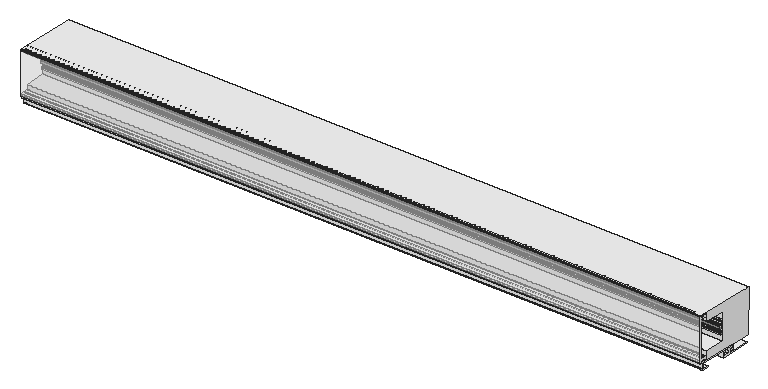
Revit family "3L-WS-D", category Lighting Fixtures, host Face, Revit 2021
Family settings
  Host = Face
  Round Connector Dimension = Use Diameter
  Part Type = Normal
  OmniClass Number = 23.80.70.11.14.17
  OmniClass Title = Direct/Indirect
  Cut with Voids When Loaded = No
  Light Source = Yes
  Shared = Yes
  Room Calculation Point = No
Parameters (values of type "3L-WS-D-4-SOF")
  Width = 3.500"  # constant formula
  Wattage = 34 W
  Warranty = "5-Years Warranty"  # constant formula
  built-in parameter 1150110 = 1 (stored number, unit not read)
  Voltage = 120 V
  Type Comments = "Lighting Fixture"  # constant formula
  built-in parameter 1114217 = 1 (stored number, unit not read)
  Tilt Angle = 90.00°
  built-in parameter 1150109 = 1 (stored number, unit not read)
  built-in parameter 1150134 = (empty or 0)
  built-in parameter 1150113 = 1 (stored number, unit not read)
  Starting Length = (Row Length / 2) * -1  # -24.000"
  Power Factor = 1
  Photometric Web File = "3L-WSx-D-4-SOF-X-CX-35K-D035.ies"
  Photometric Notes = "More IES files download on Photometric Link"  # constant formula
  Row Length = 48.000"
  Wattage Comments = "18W"
  URL = "https://www.currentlighting.com/litecontrol"
  Mounting = "Perimeter"  # constant formula
  Model = "MOD™ 3 LED Perimeter Wall/Slot® Direct"  # constant formula
  Manufacturer = "Litecontrol"  # constant formula
  built-in parameter 1150105 = 265.15 (stored number, unit not read)
  Lumens = 3332 lm
  built-in parameter 1150115 = 1 (stored number, unit not read)
  Load Classification = Lighting
  built-in parameter 1150137 = (empty or 0)
  built-in parameter 1150139 = (empty or 0)
  built-in parameter 1150112 = 1 (stored number, unit not read)
  built-in parameter 1150114 = 1 (stored number, unit not read)
  Lamp = "LED"  # constant formula
  built-in parameter 1150132 = (empty or 0)
  built-in parameter 1150102 = (empty or 0)
  built-in parameter 1150107 = 3500 (stored number, unit not read)
  built-in parameter 1150138 = (empty or 0)
  built-in parameter 1150106 = 2.6515 (stored number, unit not read)
  Height = 10.500"  # constant formula
  Glass = Paint -Textured Matte White
  Fixture Distribution = "Direct/Asymmetric Direct"  # constant formula
  Features = "Variable Intensity technology provides specifiable\r\nlumen output/wattage\r\n• End cap design eliminates visible diffuser seams/gaps\r\n• 2 SDCM color variation"  # constant formula
  Ending Length = (Row Length / 2)  # 24.000"
  Emit from Rectangle Width = Row Length - 1.000"  # 47.000"
  Emit from Rectangle Length = Width  # 3.500"
  Emit Shape Visible in Rendering = no
  built-in parameter 1150104 = 9.1045 (stored number, unit not read)
  Dimming Lamp Color Temperature Shift = <None>
  Description = "MOD™ 3 LED Perimeter Wall/Slot® Direct"  # constant formula
  Depth = 4.313"  # constant formula
  Default Elevation = 48.000"
  Copyright = "Copyright © Litecontrol"  # constant formula
  Contact Us = ""
  Color Filter = 16777215
  Circuiting = "1Circuit"  # constant formula
  Bulb = Glass -  White
  built-in parameter 1114218 = 1 (stored number, unit not read)
  Housing Material = Paint - Matte White
  built-in parameter 1150133 = 10 (stored number, unit not read)
  Assembly Code = "D5020200"
  Application = "Commercial Indoor,Institutional,Retail,Education,Healthcare,Library,Office,Perimeter Lighting,Public Space"  # constant formula
  Apparent Load = 0 VA
Types (3): name | Photometric Web File
  (no name) | "3L-WSx-D-4-SOF-X-CX-35K-D035.ies"
  3L-WS-D-4-NRW | "3L-WSx-D-4-NRW-X-CX-35K-D035.ies"
  3L-WS-D-4-SOF | "3L-WSx-D-4-SOF-X-CX-35K-D035.ies"
Reference planes (in)
  plane 1 "Center (Front/Back)": y = 13.01342
  plane 2: z = 0
  plane 3 "Center (Left/Right)": x = 0
  plane 4: x = -24
  plane 5: x = 24
  plane 6: z = 3.5
  plane 7: z = 0.625
  plane 8: y = 15.16992
  plane 9: y = 10.85692
Forms (in)
  Extrusion 1, solid, material "Paint - Matte White" <- "Housing Material"
    sketch origin (0, 0, 0) x (0, 1, 0) y (0, 0, 1)
      loop
        line (15.16992, 3.5) -> (10.98962, 3.5) -> (10.98962, 3.45757) -> (11.50525, 3.45757) -> (11.50525, 2.95861) -> (12.87603, 2.89768) -> (12.87603, 1.08511) -> (11.52756, 1.02692) -> (11.50525, 0.51658) -> (11.00525, 0.51658) -> (11.00525, 0.4429) -> (15.16992, 0.4429) -> (15.16992, 3.5)
      loop
        line (10.85692, 3.45757) -> (10.85692, 0.51658) -> (10.94277, 0.51658) -> (10.94277, 0.58385) -> (11.22043, 0.66874)
        spline (11.22043, 0.66874) -> (11.26123, 0.62829) -> (11.28879, 0.60319) -> (11.30861, 0.59002) -> (11.32601, 0.58544) -> (11.34283, 0.5873) -> (11.35797, 0.59445) -> (11.37039, 0.60581) -> (11.3806, 0.621) -> (11.39028, 0.64008) -> (11.401, 0.66316) -> (11.4125, 0.6906) -> (11.423, 0.72299)
        arc (11.423, 0.72299) -> (11.41011, 0.74044) -> (11.38905, 0.73528) r 0.01957
        spline (11.38905, 0.73528) -> (11.32346, 0.67336) -> (11.29161, 0.66677) -> (11.27482, 0.68408) -> (11.2598, 0.70279) -> (11.24303, 0.71662) -> (11.22216, 0.72203) -> (11.19526, 0.71976) -> (11.16057, 0.71163) -> (11.11637, 0.69949) -> (11.06416, 0.68506) -> (11.00941, 0.66992) -> (10.95784, 0.65567)
        line (10.95784, 0.65567) -> (10.95784, 3.31848)
        spline (10.95784, 3.31848) -> (11.00941, 3.30422) -> (11.06416, 3.28909) -> (11.11637, 3.27465) -> (11.16057, 3.26251) -> (11.19526, 3.25439) -> (11.22216, 3.25212) -> (11.24303, 3.25752) -> (11.2598, 3.27136) -> (11.27482, 3.29007) -> (11.29161, 3.30737) -> (11.32346, 3.30079) -> (11.38905, 3.23886)
        arc (11.38905, 3.23886) -> (11.41011, 3.23371) -> (11.423, 3.25115) r 0.01957
        spline (11.423, 3.25115) -> (11.4125, 3.28355) -> (11.401, 3.31099) -> (11.39028, 3.33406) -> (11.3806, 3.35314) -> (11.37039, 3.36833) -> (11.35797, 3.3797) -> (11.34283, 3.38685) -> (11.32601, 3.38871) -> (11.30861, 3.38413) -> (11.28879, 3.37096) -> (11.26123, 3.34585) -> (11.22043, 3.3054)
        line (11.22043, 3.3054) -> (10.94277, 3.39029) -> (10.94277, 3.45757) -> (10.85692, 3.45757)
    from 24 <- "Ending Length" to -24 <- "Starting Length"
  Extrusion 2, solid, material "Paint - Matte White" <- "Housing Material"
    sketch origin (0, 0, 0) x (0, 1, 0) y (0, 0, 1)
      loop
        line (13.73893, 0.28651) -> (13.73893, 0.34654) -> (13.38127, 0.34654) -> (13.38127, 0.27501) -> (13.45408, 0.27501) -> (13.45408, 0.02465) -> (13.02871, 0.02465) -> (13.02871, 0.27501) -> (13.08619, 0.27501) -> (13.08619, 0.34654) -> (12.97634, 0.34654) -> (12.97634, -0.03056) -> (15.04279, -0.03056) -> (15.04279, 0.02465) -> (13.93692, 0.02465) -> (13.51539, 0.02465) -> (13.51539, 0.28651) -> (13.73893, 0.28651)
      loop
        line (13.74304, 0.18665) -> (13.57032, 0.18665) -> (13.57032, 0.13067) -> (13.73382, 0.13067)
        arc (13.73382, 0.13067) -> (13.79795, 0.15723) -> (13.82452, 0.22136) r 0.09069
        line (13.82452, 0.22136) -> (13.82452, 0.35165)
        arc (13.82452, 0.35165) -> (13.79795, 0.41578) -> (13.73382, 0.44235) r 0.09069
        line (13.73382, 0.44235) -> (11.22167, 0.44235)
        arc (11.22167, 0.44235) -> (11.16346, 0.42121) -> (11.13239, 0.36764) r 0.09069
        line (11.13239, 0.36764) -> (11.13239, 0.06165)
        arc (11.13239, 0.06165) -> (11.16346, 0.00808) -> (11.22167, -0.01306) r 0.09069
        line (11.22167, -0.01306) -> (11.61775, -0.01306) -> (11.61775, 0.04077) -> (11.21299, 0.04077)
        arc (11.21299, 0.04077) -> (11.18987, 0.05035) -> (11.18029, 0.07347) r 0.03269
        line (11.18029, 0.07347) -> (11.18029, 0.35582)
        arc (11.18029, 0.35582) -> (11.18987, 0.37894) -> (11.21299, 0.38852) r 0.03269
        line (11.21299, 0.38852) -> (13.74218, 0.38852)
        arc (13.74218, 0.38852) -> (13.76741, 0.37807) -> (13.77786, 0.35283) r 0.03568
        line (13.77786, 0.35283) -> (13.77786, 0.22147)
        arc (13.77786, 0.22147) -> (13.76766, 0.19685) -> (13.74304, 0.18665) r 0.03482
    from -24 <- "Starting Length" to 24 <- "Ending Length"
  Extrusion 3, solid, material "Glass -  White" <- "Bulb"
    sketch origin (0, 0, 0.59375) x (0, 1, 0) y (0, 0, 1)
      loop
        line (12.8639, 1.53398) -> (12.75788, 1.53398) -> (12.75788, 1.46452) -> (12.6543, 1.46452) -> (12.6543, 1.2732) -> (12.75788, 1.2732) -> (12.75788, 1.22445) -> (12.8639, 1.22445) -> (12.8639, 1.53398)
      loop
        line (12.87603, 1.62854) -> (12.87603, 1.89137) -> (12.75788, 1.90588) -> (12.75788, 1.81962) -> (12.78925, 1.78826) -> (12.78925, 1.72854) -> (12.83472, 1.72854) -> (12.83472, 1.62854) -> (12.87603, 1.62854)
      loop
        line (12.87603, 1.12989) -> (12.83472, 1.12989) -> (12.83472, 1.02989) -> (12.78925, 1.02989) -> (12.78925, 0.97018) -> (12.75788, 0.93882) -> (12.75788, 0.85256) -> (12.87603, 0.86706) -> (12.87603, 1.12989)
    from -24 <- "Starting Length" to 24 <- "Ending Length"
Dimensions and locks (in)
  "Row Length": plane 5 to plane 4
  equal spacing: plane 5, plane 3 "Center (Left/Right)", plane 4
  "Width": plane 6 to plane 2
  plane 6 to plane 2 = 3.500"
  plane 6 to host face = 3.500"
  "Depth": plane 8 to plane 9
  equal spacing: plane 8, plane 1 "Center (Front/Back)", plane 9
  aligned and locked: plane 2 to host face
  aligned and locked: level to host face
  aligned and locked: imposter light to plane 3 "Center (Left/Right)"
Automatic sketch dimensions
  host sketch curve to host sketch curve = 96.000"  (x2)
  Extrusion 1 sketch curve to plane 9 = 0.000"
  Extrusion 1 sketch curve to plane 6 = 0.000"
  Extrusion 1 sketch curve to plane 8 = 0.000"
  Extrusion 1 sketch curve to plane 9 = 0.08585"
  Extrusion 1 sketch curve to Extrusion 1 sketch curve = 0.08585"
  plane 7 to Extrusion 1 sketch curve = 0.03067"
  Extrusion 1 sketch curve to Extrusion 1 sketch curve = 0.01507"
  Extrusion 1 sketch curve to Extrusion 1 sketch curve = 0.04685"
  Extrusion 1 sketch curve to Extrusion 1 sketch curve = 0.2626"  (x2)
  plane 7 to Extrusion 1 sketch curve = 0.04374"
  plane 7 to Extrusion 1 sketch curve = 0.11028"
  Extrusion 1 sketch curve to Extrusion 1 sketch curve = 0.16862"  (x2)
  Extrusion 1 sketch curve to plane 6 = 0.26114"
  Extrusion 1 sketch curve to Extrusion 1 sketch curve = 0.01441"  (x2)
  Extrusion 1 sketch curve to plane 6 = 0.24885"
  Extrusion 1 sketch curve to Extrusion 1 sketch curve = 0.01954"  (x2)
  plane 7 to Extrusion 1 sketch curve = 0.09799"
  Extrusion 1 sketch curve to Extrusion 1 sketch curve = 0.1162"
  Extrusion 1 sketch curve to plane 7 = 0.10842"
  Extrusion 1 sketch curve to Extrusion 1 sketch curve = 0.08225"
  Extrusion 1 sketch curve to Extrusion 1 sketch curve = 0.10456"
  plane 1 "Center (Front/Back)" to Extrusion 1 sketch curve = 0.13739"
  Extrusion 1 sketch curve to Extrusion 1 sketch curve = 0.07368"  (x2)
  Extrusion 1 sketch curve to plane 7 = 0.04115"
  Extrusion 1 sketch curve to Extrusion 1 sketch curve = 0.30392"
  plane 7 to Extrusion 1 sketch curve = 0.46011"
  Extrusion 1 sketch curve to plane 6 = 0.60232"
  Extrusion 1 sketch curve to Extrusion 1 sketch curve = 0.28025"
  Extrusion 1 sketch curve to Extrusion 1 sketch curve = 0.06654"
  Extrusion 1 sketch curve to plane 6 = 0.18152"
  Extrusion 1 sketch curve to Extrusion 1 sketch curve = 0.07181"
  Extrusion 1 sketch curve to plane 6 = 0.04243"  (x2)
  Extrusion 1 sketch curve to Extrusion 1 sketch curve = 0.06248"
  Extrusion 2 sketch curve to level = 0.03056"
  Extrusion 2 sketch curve to plane 9 = 0.27547"
  Extrusion 2 sketch curve to Extrusion 2 sketch curve = 0.0479"
  Extrusion 2 sketch curve to Extrusion 2 sketch curve = 0.03269"  (x2)
  Extrusion 2 sketch curve to level = 0.01306"
  Extrusion 2 sketch curve to Extrusion 2 sketch curve = 0.00868"  (x2)
  Extrusion 2 sketch curve to Extrusion 2 sketch curve = 0.39608"
  plane 1 "Center (Front/Back)" to Extrusion 2 sketch curve = 0.03708"
  Extrusion 2 sketch curve to plane 1 "Center (Front/Back)" = 0.01529"
  Extrusion 2 sketch curve to plane 1 "Center (Front/Back)" = 0.07277"
  Extrusion 2 sketch curve to Extrusion 2 sketch curve = 0.29507"
  Extrusion 2 sketch curve to Extrusion 2 sketch curve = 0.07281"
  Extrusion 2 sketch curve to Extrusion 2 sketch curve = 0.06131"
  Extrusion 2 sketch curve to Extrusion 2 sketch curve = 0.05493"
  Extrusion 2 sketch curve to Extrusion 2 sketch curve = 0.21843"
  Extrusion 2 sketch curve to Extrusion 2 sketch curve = 0.000"  (x3)
  Extrusion 2 sketch curve to Extrusion 2 sketch curve = 0.00511"  (x2)
  Extrusion 2 sketch curve to Extrusion 2 sketch curve = 0.00325"
  Extrusion 2 sketch curve to Extrusion 2 sketch curve = 0.00922"
  Extrusion 2 sketch curve to Extrusion 2 sketch curve = 0.03568"
  Extrusion 2 sketch curve to Extrusion 2 sketch curve = 0.04665"
  level to Extrusion 2 sketch curve = 0.02465"  (x2)
  Extrusion 2 sketch curve to Extrusion 2 sketch curve = 0.11241"
  plane 8 to Extrusion 2 sketch curve = 0.12713"
  level to Extrusion 2 sketch curve = 0.04077"
  Extrusion 2 sketch curve to Extrusion 2 sketch curve = 0.01181"
  level to Extrusion 2 sketch curve = 0.13067"
  Extrusion 2 sketch curve to Extrusion 2 sketch curve = 0.05598"
  Extrusion 2 sketch curve to Extrusion 2 sketch curve = 0.25037"
  Extrusion 2 sketch curve to Extrusion 2 sketch curve = 0.08836"
  Extrusion 2 sketch curve to Extrusion 2 sketch curve = 0.0115"
  Extrusion 2 sketch curve to Extrusion 2 sketch curve = 0.07153"  (x2)
  Extrusion 2 sketch curve to Extrusion 2 sketch curve = 0.09069"
  Extrusion 2 sketch curve to Extrusion 2 sketch curve = 0.00629"
  plane 1 "Center (Front/Back)" to Extrusion 3 sketch curve = 0.35912"
  Extrusion 3 sketch curve to Extrusion 3 sketch curve = 0.10358"  (x2)
  plane 1 "Center (Front/Back)" to Extrusion 3 sketch curve = 0.25553"  (x2)
  Extrusion 3 sketch curve to Extrusion 3 sketch curve = 0.03136"  (x4)
  Extrusion 3 sketch curve to Extrusion 3 sketch curve = 0.04547"  (x2)
  Extrusion 3 sketch curve to Extrusion 3 sketch curve = 0.02919"
  Extrusion 3 sketch curve to Extrusion 3 sketch curve = 0.11814"  (x2)
  plane 7 to Extrusion 3 sketch curve = 0.82131"
  Extrusion 3 sketch curve to Extrusion 3 sketch curve = 0.01451"
  Extrusion 3 sketch curve to Extrusion 3 sketch curve = 0.08626"  (x2)
  Extrusion 3 sketch curve to Extrusion 3 sketch curve = 0.05971"  (x2)
  Extrusion 3 sketch curve to Extrusion 3 sketch curve = 0.100"  (x2)
  Extrusion 3 sketch curve to Extrusion 3 sketch curve = 0.09456"  (x2)
  Extrusion 3 sketch curve to Extrusion 3 sketch curve = 0.04874"
  Extrusion 3 sketch curve to Extrusion 3 sketch curve = 0.19132"
  Extrusion 3 sketch curve to Extrusion 3 sketch curve = 0.06946"
  Extrusion 3 sketch curve to Extrusion 3 sketch curve = 0.10312"
Connectors (in)
  electrical at (0, 13.07977, 3.5)
    settings: on Extrusion 1, index 1, voltage 120 V, apparent load 0 VA, apparent load phase1 0 VA, apparent load phase2 0 VA, apparent load phase3 0 VA, power factor 1, load classification "Other", number of poles 1, system type 30, power factor state 1, is connector primary yes, connector utility no, sub classification motor no, connector description "Lighting Connector"
